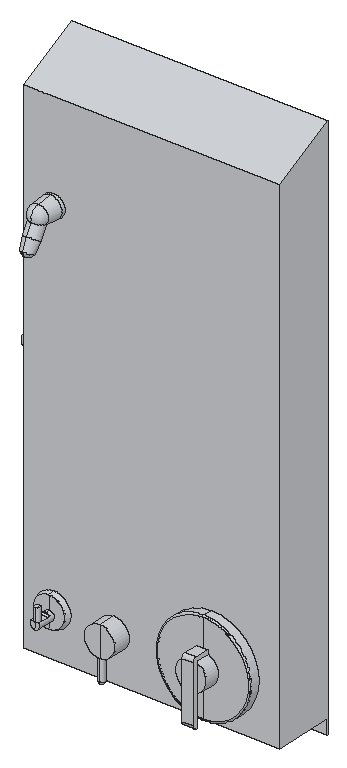
Revit family "Shower_Panel-Willoughby-CWSMS-ADA-WH-R", category Plumbing Fixtures, Revit 2015
Parameters
  URL = "https://www.willoughby-ind.com/wp-content/uploads/2018/01/CWSMS-ADA-WH.pdf"
  Revision = "A"
  Model = "CWSMS-ADA-WH-R"
  Manufacturer = "Willoughby Industries"
  Description = "Wide Housing, ADA-Compliant, Surface Mounted Wall Shower, Right Hand Controls"
  Contact Info = "(800) 428-4065"
Reference planes (in)
  plane 1 "Center (Front/Back)": y = 0
  plane 2: z = 0
  plane 3 "Center (Left/Right)": x = 0
Forms (in)
  Extrusion 1, solid
    sketch origin (0, 0, 0) x (0, 1, 0) y (0, 0, 1)
      loop
        line (0, 0) -> (0, 36.5) -> (-4, 34.4421) -> (-4, 0.9421) -> (-0.06, 0.9421) -> (-0.06, 0) -> (0, 0)
    from -8.5 to 8.5
  Revolve 2, solid
    sketch origin (-6.5, 0, 0) x (0, 1, 0) y (0, 0, 1)
      loop
        line (-4, 27.9421) -> (-4, 28.6776) -> (-4.2455, 28.6776) -> (-5.2455, 28.5631)
        arc (-5.2455, 28.5631) -> (-5.68461, 28.38121) -> (-5.8665, 27.9421) r 0.621
        line (-5.8665, 27.9421) -> (-4, 27.9421)
      axis (-5.8665, 27.9421) -> (-4, 27.9421)
    angle from 0 to 360
  Revolve 3, solid
    sketch origin (-6.5, 0, 0) x (0, 1, 0) y (0, 0, 1)
      loop
        arc (-6.3076, 25.9021) -> (-6.07752, 25.84827) -> (-5.84743, 25.9021) r 0.51866
        line (-5.84743, 25.9021) -> (-5.35414, 26.55369) -> (-4.69697, 27.69213) -> (-5.13, 27.9421) -> (-6.3076, 25.9021)
      axis (-6.3076, 25.9021) -> (-5.13, 27.9421)
    angle from 0 to 360
  Revolve 4, solid
    sketch origin (-6.5, 0, 0) x (0, 1, 0) y (0, 0, 1)
      loop
        line (-4, 3.9421) -> (-4, 5.0616) -> (-4.36, 4.96514) -> (-4.36, 3.9421) -> (-4, 3.9421)
      axis (-4, 3.9421) -> (-4.36, 3.9421)
    angle from 0 to 360
  Revolve 5, solid
    sketch origin (-6.5, 0, 0) x (0, 1, 0) y (0, 0, 1)
      loop
        line (-4.36, 3.41106) -> (-4.36, 3.72356) -> (-5.53, 3.72356) -> (-5.53, 3.41106) -> (-4.36, 3.41106)
      axis (-5.53, 3.72356) -> (-4.36, 3.72356)
    angle from 0 to 360
  Extrusion 6, void
    sketch origin (-6.5, 0, 0) x (0, 1, 0) y (0, 0, 1)
      loop
        line (-5.53, 4.03606) -> (-5.53, 3.87806) -> (-4.73, 3.87806)
        arc (-4.73, 3.87806) -> (-4.65929, 3.90735) -> (-4.63, 3.97806) r 0.1
        line (-4.63, 3.97806) -> (-4.63, 4.03606) -> (-5.53, 4.03606)
    from -0.5 to 0.5
  Revolve 7, solid
    sketch origin (-6.5, 0, 0) x (0, 1, 0) y (0, 0, 1)
      loop
        line (-5.505, 3.87806) -> (-5.33, 3.87806) -> (-5.33, 4.67806) -> (-5.505, 4.67806) -> (-5.505, 3.87806)
      axis (-5.33, 4.67806) -> (-5.33, 3.87806)
    angle from 0 to 360
  Revolve 8, solid
    sketch origin (-2.5, 0, 0) x (0, 1, 0) y (0, 0, 1)
      loop
        line (-4, 3.9421) -> (-4, 4.9421) -> (-5.1769, 4.9421) -> (-5.1769, 3.9421) -> (-4, 3.9421)
      axis (-5.1769, 3.9421) -> (-4, 3.9421)
    angle from 0 to 360
  Revolve 9, solid
    sketch origin (-2.5, 0, 0) x (0, 1, 0) y (0, 0, 1)
      loop
        line (-5.1769, 2.9421) -> (-5.1769, 1.5431)
        arc (-5.1769, 1.5431) -> (-5.12219, 1.41101) -> (-4.9901, 1.3563) r 0.1868
        line (-4.9901, 1.3563) -> (-4.9901, 2.9421) -> (-5.1769, 2.9421)
      axis (-4.9901, 2.9421) -> (-4.9901, 1.3563)
    angle from 0 to 360
  Revolve 10, solid
    sketch origin (4, 0, 0) x (0, 1, 0) y (0, 0, 1)
      loop
        line (-4, 4.4421) -> (-4, 7.5644) -> (-4.6395, 7.5644)
        arc (-4.6395, 7.5644) -> (-4.70314, 7.53804) -> (-4.7295, 7.4744) r 0.09
        line (-4.7295, 7.4744) -> (-4.7295, 5.4421) -> (-5.7384, 5.4421) -> (-5.7384, 4.4421) -> (-4, 4.4421)
      axis (-5.7384, 4.4421) -> (-4, 4.4421)
    angle from 0 to 360
  Extrusion 11, solid
    sketch origin (4, 0, 0) x (0, 1, 0) y (0, 0, 1)
      loop
        line (-4.8045, 5.4069) -> (-4.8045, 5.69) -> (-5.7416, 5.69)
        arc (-5.7416, 5.69) -> (-5.91838, 5.61678) -> (-5.9916, 5.44) r 0.25
        line (-5.9916, 5.44) -> (-5.9916, 1.67976)
        arc (-5.9916, 1.67976) -> (-5.91371, 1.51219) -> (-5.742, 1.4439) r 0.25
        line (-5.742, 1.4439) -> (-5.6795, 1.4439) -> (-5.6795, 5.4069) -> (-4.8045, 5.4069)
    from -0.375 to 0.375
  Revolve 12, solid
    sketch origin (0, -2, 0) x (1, 0, 0) y (0, 0, 1)
      loop
        line (-8.5, 18) -> (-8.5, 18.5595) -> (-9.5251, 18.5595)
        arc (-9.5251, 18.5595) -> (-9.92073, 18.39563) -> (-10.0846, 18) r 0.5595
        line (-10.0846, 18) -> (-8.5, 18)
      axis (-10.0846, 18) -> (-8.5, 18)
    angle from 0 to 360
  Extrusion 13, solid
    sketch origin (0, 0, 0) x (1, 0, 0) y (0, 0, 1)
      loop
        circle (3, 5) r 0.25
      loop
        circle (-3, 5) r 0.25
    from -0.125 to 2
Cuts and joins
  Extrusion 6 cuts Revolve 5
Dimensions and locks (in)
  aligned and locked: level to plane 2
  aligned and locked: Revolve 2 sketch curve to Revolve 2 sketch curve
  aligned and locked: Revolve 3 sketch curve to Revolve 3 sketch curve
  aligned and locked: Revolve 4 sketch curve to Revolve 4 sketch curve  (x2)
  aligned and locked: Revolve 5 sketch curve to Revolve 5 sketch curve  (x2)
  aligned and locked: Revolve 7 sketch curve to Revolve 7 sketch curve  (x2)
  aligned and locked: Revolve 8 sketch curve to Revolve 8 sketch curve  (x2)
  aligned and locked: Revolve 9 sketch curve to Revolve 9 sketch curve  (x3)
  aligned and locked: Revolve 10 sketch curve to Revolve 10 sketch curve  (x2)
  aligned and locked: Revolve 12 sketch curve to Revolve 12 sketch curve  (x2)
  aligned and locked: Revolve 12 sketch curve to Extrusion 1
Connectors (in)
  piping at (3, 0.125, 5), diameter 0.5
    settings: on Extrusion 13, index 1, connector inside diameter 24", connector length 0' - 0", flow factor 0, pipe flow 0 GPM, pressure drop 0.00 psi, fitting loss kfactor 0, connector angle 0.00°, fixture units 0, engagement length 0' - 0", angle of deflection 0.00°, flow configuration 0, flow direction 0, fitting loss method 0, system type 20, joint type 0, gender type 0, connector reference index -1, connector utility 0, adjustable connector no, is connector primary yes, connector description ""
  piping at (-3, 0.125, 5), diameter 0.5
    settings: on Extrusion 13, index 2, connector inside diameter 24", connector length 0' - 0", flow factor 0, pipe flow 0 GPM, pressure drop 0.00 psi, fitting loss kfactor 0, connector angle 0.00°, fixture units 0, engagement length 0' - 0", angle of deflection 0.00°, flow configuration 0, flow direction 0, fitting loss method 0, system type 19, joint type 0, gender type 0, connector reference index -1, connector utility 0, adjustable connector no, is connector primary no, connector description ""
